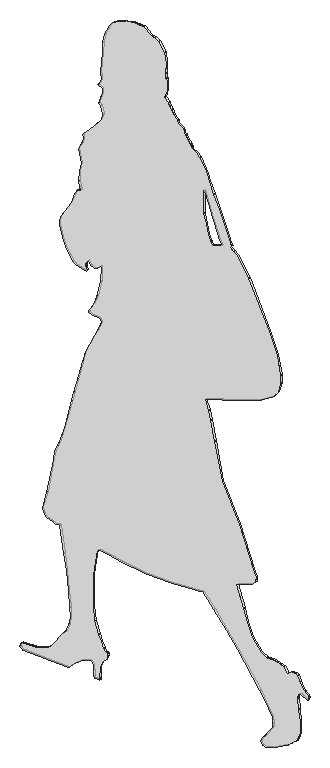
Revit family "Flat Lady 11", category Entourage, Revit 2015
Parameters
  Flat Material [instance] = none
  Height = 0 mm
Reference planes
  plane 1 "Center (Front/Back)": y = 0
  plane 2: z = 0
  plane 3 "Center (Left/Right)": x = 0
Forms (mm)
  Extrusion 1, solid, material <- "Flat Material"
    sketch origin (0, 0, 0) x (1, 0, 0) y (0, 0, 1)
      loop
        line (-128.633, 1581.078) -> (-154.061, 1581.848) -> (-175.632, 1578.768) -> (-202.595, 1567.987) -> (-211.842, 1562.588) -> (-219.542, 1553.349) -> (-233.413, 1528.698) -> (-238.805, 1505.577) -> (-240.349, 1478.619) -> (-245.741, 1430.859) -> (-244.201, 1423.918) -> (-241.889, 1421.608) -> (-241.889, 1415.447) -> (-248.053, 1402.348) -> (-250.365, 1400.038) -> (-252.676, 1397.728) -> (-249.588, 1396.189) -> (-239.577, 1392.338) -> (-240.349, 1383.087) -> (-243.429, 1370.768) -> (-247.276, 1360.748) -> (-248.824, 1353.817) -> (-243.429, 1351.507) -> (-238.805, 1329.927) -> (-242.891, 1317.778) -> (-257.301, 1299.938) -> (-272.393, 1285.528) -> (-287.491, 1271.118) -> (-292.299, 1262.878) -> (-291.607, 1253.958) -> (-295.038, 1240.929) -> (-301.218, 1232.008) -> (-304.649, 1223.087) -> (-301.901, 1213.478) -> (-297.102, 1192.888) -> (-301.218, 1172.987) -> (-302.592, 1146.917) -> (-300.191, 1136.278) -> (-297.785, 1125.648) -> (-305.695, 1126.568) -> (-314.534, 1112.688) -> (-324.007, 1088.068) -> (-353.035, 1043.888) -> (-356.19, 1033.157) -> (-355.566, 1021.168) -> (-347.359, 995.287) -> (-336.621, 971.308) -> (-318.956, 946.69) -> (-309.484, 941.01) -> (-294.341, 937.855) -> (-283.608, 935.329) -> (-280.456, 939.747) -> (-282.345, 945.427) -> (-284.874, 950.478) -> (-284.241, 955.526) -> (-277.924, 963.728) -> (-275.401, 957.432) -> (-271.271, 954.538) -> (-261.35, 951.645) -> (-253.09, 954.952) -> (-242.76, 961.977) -> (-243.968, 925.896) -> (-255.119, 884.542) -> (-263.473, 864.098) -> (-274.624, 846.907) -> (-277.416, 844.118) -> (-275.563, 840.401) -> (-266.728, 836.683) -> (-247.675, 835.754) -> (-242.594, 826.174) -> (-249.036, 812.004) -> (-261.916, 788.818) -> (-285.099, 742.447) -> (-316.011, 631.67) -> (-341.775, 538.927) -> (-357.231, 493.843) -> (-367.539, 474.522) -> (-371.4, 451.334) -> (-389.437, 365.032) -> (-401.024, 325.1) -> (-398.457, 314.796) -> (-395.615, 309.998) -> (-390.43, 305.592) -> (-379.287, 300.665) -> (-372.28, 298.075) -> (-365.802, 297.297) -> (-360.881, 297.297) -> (-354.475, 298.061) -> (-343.418, 233.938) -> (-336.249, 193.575) -> (-331.045, 148.006) -> (-327.14, 108.946) -> (-326.494, 87.463) -> (-329.744, 68.584) -> (-337.551, 49.053) -> (-350.579, 35.383) -> (-374.008, 4.786) -> (-383.023, -5.169) -> (-395.426, -10.855) -> (-421.787, -17.056) -> (-455.38, -19.64) -> (-460.032, -24.292) -> (-462.096, -31.01) -> (-457.445, -36.179) -> (-453.796, -38.763) -> (-334.44, -38.763) -> (-328.756, -35.145) -> (-317.385, -24.292) -> (-290.516, -5.686) -> (-275.527, 0) -> (-268.807, -0.517) -> (-264.156, -6.203) -> (-263.123, -33.594) -> (-261.399, -38.763) -> (-248.134, -38.763) -> (-246.585, -37.212) -> (-246.585, -33.077) -> (-245.036, -6.203) -> (-240.385, 6.718) -> (-230.046, 16.02) -> (-225.916, 21.189) -> (-224.362, 27.391) -> (-224.879, 33.592) -> (-225.916, 36.177) -> (-231.079, 37.727) -> (-235.353, 43.846) -> (-243.16, 56.866) -> (-249.013, 71.188) -> (-260.084, 100.483) -> (-263.989, 135.637) -> (-263.989, 172.092) -> (-263.989, 208.549) -> (-258.783, 243.704) -> (-253.579, 272.999) -> (-245.988, 276.136) -> (-236.821, 274.302) -> (-221.534, 272.469) -> (-187.918, 266.356) -> (-121.908, 261.465) -> (-53.442, 263.3) -> (10.736, 268.19) -> (20.864, 271.276) -> (24.666, 272.558) -> (26.794, 273.355) -> (31.418, 272.839) -> (60.249, 239.756) -> (94.78, 201.982) -> (124.216, 165.915) -> (185.1, 89.256) -> (207.092, 52.044) -> (218.949, 35.988) -> (219.371, 20.374) -> (219.371, 14.755) -> (216.34, 9.136) -> (200.781, -12.907) -> (192.139, -22.848) -> (186.949, -31.925) -> (189.113, -37.111) -> (192.996, -41.433) -> (199.052, -43.161) -> (206.832, -41.433) -> (220.229, -37.544) -> (232.332, -31.059) -> (259.994, -17.229) -> (270.804, -9.882) -> (283.765, 0.925) -> (289.821, 11.73) -> (293.274, 25.993) -> (294.14, 50.629) -> (290.251, 80.452) -> (286.79, 105.522) -> (288.092, 116.327) -> (293.274, 117.624) -> (300.196, 114.597) -> (310.992, 110.275) -> (313.157, 110.275) -> (314.889, 110.275) -> (315.746, 112.005) -> (316.618, 117.624) -> (314.889, 122.81) -> (310.135, 126.699) -> (305.38, 130.157) -> (299.76, 136.642) -> (286.79, 160.847) -> (281.606, 163.87) -> (275.559, 165.169) -> (269.503, 163.439) -> (260.183, 157.154) -> (249.17, 168.934) -> (234.006, 173.618) -> (219.384, 175.322) -> (203.923, 175.604) -> (188.125, 181.805) -> (164.876, 209.127) -> (150.766, 241.007) -> (141.011, 271.86) -> (122.807, 323.029) -> (154.254, 333.603) -> (164.853, 337.925) -> (173.468, 346.998) -> (174.756, 357.304) -> (169.603, 367.607) -> (129.67, 469.368) -> (83.296, 556.959) -> (63.979, 648.417) -> (52.384, 694.788) -> (47.23, 716.684) -> (38.399, 739.307) -> (85.244, 753.006) -> (108.216, 762.287) -> (111.758, 763.172) -> (114.403, 764.938) -> (116.176, 765.381) -> (141.621, 773.663) -> (187.762, 790.665) -> (219.348, 807.667) -> (235.132, 827.097) -> (241.202, 848.957) -> (241.202, 869.604) -> (231.483, 914.537) -> (210.837, 964.329) -> (154.976, 1072.418) -> (124.616, 1118.568) -> (114.897, 1124.638) -> (105.185, 1130.709) -> (109.357, 1134.909) -> (105.752, 1141.499) -> (99.768, 1154.087) -> (89.576, 1180.449) -> (75.799, 1212.809) -> (60.221, 1242.168) -> (48.836, 1270.329) -> (43.436, 1284.708) -> (37.452, 1296.099) -> (23.064, 1319.458) -> (12.882, 1327.848) -> (3.167, 1332.518) -> (2.113, 1333.017) -> (1.96, 1334.818) -> (0.828, 1336.708) -> (-1.82, 1341.059) -> (-13.16, 1356.749) -> (-15.427, 1359.959) -> (-16.563, 1361.279) -> (-18.27, 1361.988) -> (-18.27, 1366.657) -> (-18.606, 1369.987) -> (-21.6, 1372.318) -> (-26.601, 1375.988) -> (-34.592, 1381.317) -> (-36.262, 1386.318) -> (-37.259, 1389.648) -> (-40.595, 1391.647) -> (-46.259, 1395.977) -> (-52.59, 1409.307) -> (-57.586, 1414.648) -> (-60.589, 1421.638) -> (-70.852, 1429.928) -> (-65.043, 1449.997) -> (-63.983, 1472.168) -> (-66.098, 1477.978) -> (-68.207, 1478.508) -> (-68.207, 1489.067) -> (-67.683, 1514.408) -> (-71.907, 1538.698) -> (-87.224, 1560.349) -> (-98.834, 1566.158) -> (-107.812, 1568.268) -> (-128.633, 1581.078)
      loop
        line (40.208, 1164.898) -> (43.391, 1149.597) -> (47.854, 1133.667) -> (56.011, 1117.138) -> (83.324, 1127.068) -> (75.198, 1137.907) -> (69.802, 1152.887) -> (56.622, 1184.637) -> (45.833, 1214.598) -> (41.043, 1229.578) -> (38.049, 1236.778) -> (33.744, 1241.947) -> (33.744, 1187.998) -> (37.663, 1172.539) -> (40.208, 1164.898)
    from -2.5 to 2.5
Lines and regions (mm)
  model lines
    curve 1: line (-150, 0, 0) -> (150, 0, 0)
    curve 2: line (0, -150, 0) -> (0, 150, 0)
Dimensions and locks
  aligned and locked: level to plane 2
